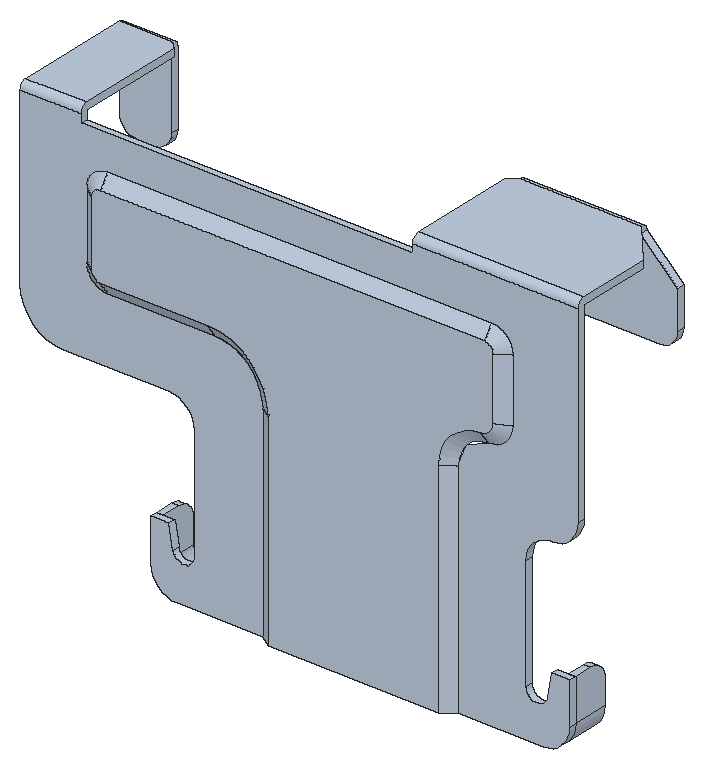
Revit family "MCCC", category 機械設備, Revit 2020
Family settings
  丸型コネクタ寸法 = 直径を使用
  パーツ タイプ = 標準
  OmniClass 番号 = 23.75.00.00
  OmniClass タイトル = Climate Control (HVAC)
  作業面ベース = いいえ
  常に垂直 = はい
  ロード時にボイドで切り取り = いいえ
  共有 = はい
  部屋計算ポイント = いいえ
Parameters (values of type "MCｺｰﾅｰｸﾘｯﾌﾟ 右")
  製造元 = "株式会社サンユー"
  既定の高さ = 0 mm
  左右 = MCCCr : MCCCr
  URL = "http://www.3you.co.jp"
  MCCC ﾏﾃﾘｱﾙ = 溶融亜鉛メッキ
  MC38XL 有（無） [instance] = yes
Types (3, lengths in mm): name | 左右
  (no name) | MCCCr : MCCCr
  MCｺｰﾅｰｸﾘｯﾌﾟ 右 | MCCCr : MCCCr
  MCｺｰﾅｰｸﾘｯﾌﾟ 左 | MCCCl : MCCCl
Reference planes
  plane 1 "中心(正面/背面)": y = 0
  plane 2: z = 0
  plane 3 "中心(左/右)": x = 0
Dimensions and locks
  aligned and locked: level to plane 2
Nested families
  nested 1: "MCCCr" at (0, -7.4, 0), type <- "左右", MC38　有（無） <- "MC38XL 有（無）", type "MCCCr"
    with 総厚 14.2 mm, MC38　有（無） yes
Definition of nested family "MCCCr"
  Parameters (values of type "MCCC-r")
    ｺｰﾅｰｸﾘｯﾌﾟ = yes
    総厚 [instance] = if(MC38　有（無）, 14.2 mm, 12.8 mm)  # 14.2 mm
    Default Elevation = 0 mm
    MCｺｰﾅｰｸﾘｯﾌﾟ ﾏﾃﾘｱﾙ = none
    MC38　有（無） [instance] = yes
  Reference planes
    plane 1 "中心(正面/背面)": y = 0
    plane 2: z = 0
    plane 3 "中心(左/右)": x = 0
    plane 4: y = 8.4
    plane 5: y = 13.4
    plane 6: y = 14.2
    plane 7: z = -0.5
    plane 8: y = 12.4
    plane 9: y = 8.4
    plane 10: y = 7.4
  Forms (mm)
    Extrusion 1, solid, material <- "MCｺｰﾅｰｸﾘｯﾌﾟ ﾏﾃﾘｱﾙ", visible <- "ｺｰﾅｰｸﾘｯﾌﾟ"
      sketch origin (-25, 0, 38) x (-1, 0, 0) y (0, 0, -1)
        loop
          line (-19, 40.95) -> (-19, 28)
          arc (-19, 28) -> (-19.879, 25.879) -> (-22, 25) r 3
          arc (-22, 25) -> (-24.118, 24.124) -> (-25, 22.009) r 3
          line (-25, 22.009) -> (-25, -0.8) -> (-6, -0.8) -> (-6, 1) -> (32, 1) -> (32, -0.8) -> (39, -0.8) -> (39, 19.99)
          arc (39, 19.99) -> (37.539, 23.532) -> (34, 25) r 5
          line (34, 25) -> (22, 25)
          arc (22, 25) -> (19.879, 25.879) -> (19, 28) r 3
          line (19, 28) -> (19, 40.95)
          arc (19, 40.95) -> (20.141, 42.195) -> (21.481, 41.167) r 1.25
          line (21.481, 41.167) -> (21.951, 38.5) -> (24, 38.5) -> (24, 43.4)
          arc (24, 43.4) -> (23.121, 45.521) -> (21, 46.4) r 3
          line (21, 46.4) -> (-21, 46.4)
          arc (-21, 46.4) -> (-23.121, 45.521) -> (-24, 43.4) r 3
          line (-24, 43.4) -> (-24, 38.5) -> (-21.951, 38.5) -> (-21.481, 41.167)
          arc (-21.481, 41.167) -> (-20.141, 42.195) -> (-19, 40.95) r 1.25
      from 0 to 0.8
    Blend 2, solid, material <- "MCｺｰﾅｰｸﾘｯﾌﾟ ﾏﾃﾘｱﾙ", visible <- "ｺｰﾅｰｸﾘｯﾌﾟ"
      base sketch origin (-25, 0.4, 38) x (-1, 0, 0) y (0, 0, -1)
        loop
          line (11.75, 46.4) -> (-11.75, 46.4) -> (-11.75, 21)
          arc (-11.75, 21) -> (-12.62, 18.887) -> (-14.726, 18) r 3
          arc (-14.726, 18) -> (-17.043, 17.024) -> (-18, 14.7) r 3.3
          line (-18, 14.7) -> (-18, 7.4)
          arc (-18, 7.4) -> (-17.121, 5.279) -> (-15, 4.4) r 3
          line (-15, 4.4) -> (29, 4.4)
          arc (29, 4.4) -> (31.118, 5.276) -> (32, 7.391) r 3
          line (32, 7.391) -> (32, 15.009)
          arc (32, 15.009) -> (31.118, 17.124) -> (29, 18) r 3
          line (29, 18) -> (16.745, 18)
          arc (16.745, 18) -> (13.216, 19.462) -> (11.75, 22.99) r 5
          line (11.75, 22.99) -> (11.75, 46.4)
      top sketch origin (-25, 0.4, 38) x (-1, 0, 0) y (0, 0, -1)
        loop
          line (9.75, 46.4) -> (-9.75, 46.4) -> (-9.75, 21)
          arc (-9.75, 21) -> (-11.173, 17.506) -> (-14.633, 16.001) r 5
          arc (-14.633, 16.001) -> (-15.601, 15.58) -> (-16, 14.602) r 1.4
          line (-16, 14.602) -> (-16, 7.4)
          arc (-16, 7.4) -> (-15.707, 6.693) -> (-15, 6.4) r 1
          line (-15, 6.4) -> (29, 6.4)
          arc (29, 6.4) -> (29.705, 6.691) -> (30, 7.394) r 1
          line (30, 7.394) -> (30, 15.006)
          arc (30, 15.006) -> (29.705, 15.709) -> (29, 16) r 1
          line (29, 16) -> (16.75, 16)
          arc (16.75, 16) -> (11.804, 18.046) -> (9.75, 22.989) r 7
          line (9.75, 22.989) -> (9.75, 46.4)
      from 0.8 to 2.2
    Blend 3, void
      base sketch origin (-25, 0, 38) x (-1, 0, 0) y (0, 0, -1)
        loop
          line (11.75, 45.6) -> (-11.75, 45.6) -> (-11.75, 21)
          arc (-11.75, 21) -> (-12.62, 18.887) -> (-14.726, 18) r 3
          arc (-14.726, 18) -> (-17.043, 17.024) -> (-18, 14.7) r 3.3
          line (-18, 14.7) -> (-18, 7.4)
          arc (-18, 7.4) -> (-17.121, 5.279) -> (-15, 4.4) r 3
          line (-15, 4.4) -> (29, 4.4)
          arc (29, 4.4) -> (31.118, 5.276) -> (32, 7.391) r 3
          line (32, 7.391) -> (32, 15.009)
          arc (32, 15.009) -> (31.118, 17.124) -> (29, 18) r 3
          line (29, 18) -> (16.745, 18)
          arc (16.745, 18) -> (13.216, 19.462) -> (11.75, 22.99) r 5
          line (11.75, 22.99) -> (11.75, 45.6)
      top sketch origin (-25, 0, 38) x (-1, 0, 0) y (0, 0, -1)
        loop
          line (9.75, 45.6) -> (-9.75, 45.6) -> (-9.75, 21)
          arc (-9.75, 21) -> (-11.173, 17.506) -> (-14.633, 16.001) r 5
          arc (-14.633, 16.001) -> (-15.601, 15.58) -> (-16, 14.602) r 1.4
          line (-16, 14.602) -> (-16, 7.4)
          arc (-16, 7.4) -> (-15.707, 6.693) -> (-15, 6.4) r 1
          line (-15, 6.4) -> (29, 6.4)
          arc (29, 6.4) -> (29.705, 6.691) -> (30, 7.394) r 1
          line (30, 7.394) -> (30, 15.006)
          arc (30, 15.006) -> (29.705, 15.709) -> (29, 16) r 1
          line (29, 16) -> (16.75, 16)
          arc (16.75, 16) -> (11.804, 18.046) -> (9.75, 22.989) r 7
          line (9.75, 22.989) -> (9.75, 45.6)
      from 0 to 1.4
    Extrusion 4, void
      sketch origin (0, 0, 38) x (0, 1, 0) y (0, 0, -1)
        loop
          line (4.2, 38.5) -> (4.2, 40.5)
          arc (4.2, 40.5) -> (3.614, 39.086) -> (2.2, 38.5) r 2
          line (2.2, 38.5) -> (4.2, 38.5)
      from 48.2 to 49
    Extrusion 5, void
      sketch origin (0, 0, 38) x (0, 1, 0) y (0, 0, -1)
        loop
          line (4.2, 38.5) -> (4.2, 40.5)
          arc (4.2, 40.5) -> (3.614, 39.086) -> (2.2, 38.5) r 2
          line (2.2, 38.5) -> (4.2, 38.5)
      from 1.8 to 1
    Extrusion 6, void
      sketch origin (0, 0, 38) x (0, 1, 0) y (0, 0, -1)
        loop
          arc (0, -0.8) -> (-0.566, -0.566) -> (-0.8, 0) r 0.8
          line (-0.8, 0) -> (-0.8, -0.8) -> (0, -0.8)
      from 64 to 57
    Extrusion 7, solid, material <- "MCｺｰﾅｰｸﾘｯﾌﾟ ﾏﾃﾘｱﾙ", visible <- "ｺｰﾅｰｸﾘｯﾌﾟ"
      sketch origin (-25, 0, 38) x (-1, 0, 0) y (0, 0, -1)
        loop
          line (-23.2, 38.5) -> (-23.2, 43.4)
          arc (-23.2, 43.4) -> (-22.556, 44.956) -> (-21, 45.6) r 2.2
          line (-21, 45.6) -> (21, 45.6)
          arc (21, 45.6) -> (22.556, 44.956) -> (23.2, 43.4) r 2.2
          line (23.2, 43.4) -> (23.2, 38.5) -> (24, 38.5) -> (24, 43.4)
          arc (24, 43.4) -> (23.121, 45.521) -> (21, 46.4) r 3
          line (21, 46.4) -> (-21, 46.4)
          arc (-21, 46.4) -> (-23.121, 45.521) -> (-24, 43.4) r 3
          line (-24, 43.4) -> (-24, 38.5) -> (-23.2, 38.5)
      from 0 to -4.2
    Extrusion 8, solid, material <- "MCｺｰﾅｰｸﾘｯﾌﾟ ﾏﾃﾘｱﾙ", visible <- "ｺｰﾅｰｸﾘｯﾌﾟ"
      sketch origin (0, 1.4, 38) x (-1, 0, 0) y (0, -1, 0)
        loop
          line (18, -12.8) -> (18, -12) -> (19, -11) -> (19, 1.4) -> (0, 1.4) -> (0, -7) -> (4.2, -12) -> (4.2, -12.8) -> (18, -12.8)
        loop
          line (64, 1.4) -> (57, 1.4) -> (57, -11) -> (58, -12) -> (58, -12.8) -> (64, -12.8) -> (64, 1.4)
      from 0 to 0.8
    Extrusion 9, void
      sketch origin (0, 13.4, 38) x (0, -1, 0) y (0, 0, 1)
        loop
          line (0, 0.8) -> (-0.8, 0.8) -> (-0.8, 0)
          arc (-0.8, 0) -> (-0.566, 0.566) -> (0, 0.8) r 0.8
      from 64 to 58
    Extrusion 10, solid, material <- "MCｺｰﾅｰｸﾘｯﾌﾟ ﾏﾃﾘｱﾙ", visible <- "ｺｰﾅｰｸﾘｯﾌﾟ"
      sketch origin (0, 0, 38) x (-1, 0, 0) y (0, 0, -1)
        loop
          line (64, 0) -> (64, 8.6)
          arc (64, 8.6) -> (63.414, 10.014) -> (62, 10.6) r 2
          line (62, 10.6) -> (60, 10.6)
          arc (60, 10.6) -> (58.586, 10.014) -> (58, 8.6) r 2
          line (58, 8.6) -> (58, 0) -> (64, 0)
        loop
          arc (18, 8.6) -> (17.414, 10.014) -> (16, 10.6) r 2
          line (16, 10.6) -> (2, 10.6)
          arc (2, 10.6) -> (0.586, 10.014) -> (0, 8.6) r 2
          line (0, 8.6) -> (0, 4.2) -> (4.2, 0) -> (18, 0) -> (18, 8.6)
      from -13.4 to -14.2
    Extrusion 11, void
      sketch origin (46.726, 0, 38) x (0, 1, 0) y (0, 0, -1)
        loop
          arc (0, -0.8) -> (-0.566, -0.566) -> (-0.8, 0) r 0.8
          line (-0.8, 0) -> (-0.8, -0.8) -> (0, -0.8)
      from 65.726 to 46.726
    Extrusion 12, void
      sketch origin (37.34, 13.4, 38) x (0, -1, 0) y (0, 0, 1)
        loop
          line (0, 0.8) -> (-0.8, 0.8) -> (-0.8, 0)
          arc (-0.8, 0) -> (-0.566, 0.566) -> (0, 0.8) r 0.8
      from 55.34 to 41.54
  Cuts and joins
    Blend 3, Extrusion 6, Extrusion 11 cuts Extrusion 1
    Blend 3, Extrusion 6, Extrusion 11 cuts Blend 2
    Extrusion 6, Extrusion 9, Extrusion 11, Extrusion 12 cuts Extrusion 8
    Extrusion 6, Extrusion 11 cuts Extrusion 10
    joined: Extrusion 1, Blend 2, Extrusion 8, Extrusion 10
    Extrusion 4, Extrusion 5 cuts Extrusion 7
  Dimensions and locks
    locked: plane 6 to plane 5 at 0.8
    plane 5 to plane 8 to plane 9 = 1 mm locked, 4 mm locked
    "総厚": plane 6 to plane 1 "中心(正面/背面)"
    locked: plane 5 to plane 10 at 6
    aligned and locked: level to plane 2
    aligned and locked: Extrusion 10 to plane 6
    aligned and locked: plane 5 to Extrusion 10
    aligned and locked: Extrusion 12 to plane 5  (x2)
    aligned and locked: Extrusion 9 to plane 5
  Automatic sketch dimensions
    Extrusion 1 sketch curve to plane 3 "中心(左/右)" = 0 mm
    Extrusion 1 sketch curve to plane 3 "中心(左/右)" = 1 mm
    Extrusion 1 sketch curve to plane 3 "中心(左/右)" = 3 mm  (x2)
    Extrusion 1 sketch curve to level = 0.5 mm  (x2)
    Extrusion 1 sketch curve to Extrusion 1 sketch curve = 2.049 mm  (x2)
    Extrusion 1 sketch curve to Extrusion 1 sketch curve = 0.47 mm  (x2)
    Extrusion 1 sketch curve to plane 3 "中心(左/右)" = 4 mm
    Extrusion 1 sketch curve to Extrusion 1 sketch curve = 1.231 mm
    Extrusion 1 sketch curve to Extrusion 1 sketch curve = 3 mm  (x2)
    Extrusion 1 sketch curve to plane 3 "中心(左/右)" = 19 mm
    Extrusion 1 sketch curve to level = 2.95 mm  (x2)
    Extrusion 1 sketch curve to Extrusion 1 sketch curve = 38 mm
    Extrusion 1 sketch curve to Extrusion 1 sketch curve = 1.25 mm
    Extrusion 1 sketch curve to Extrusion 1 sketch curve = 0.75 mm
    Extrusion 1 sketch curve to level = 3.167 mm
    Extrusion 1 sketch curve to Extrusion 1 sketch curve = 10 mm
    Extrusion 1 sketch curve to Extrusion 1 sketch curve = 12 mm
    Extrusion 1 sketch curve to Extrusion 1 sketch curve = 5 mm  (x2)
    level to Extrusion 1 sketch curve = 10 mm  (x2)
    Extrusion 1 sketch curve to Extrusion 1 sketch curve = 2.991 mm
    Extrusion 1 sketch curve to Extrusion 1 sketch curve = 0.009 mm
    Extrusion 1 sketch curve to Extrusion 1 sketch curve = 21 mm
    Extrusion 1 sketch curve to Extrusion 1 sketch curve = 1.8 mm  (x2)
    Extrusion 1 sketch curve to Extrusion 1 sketch curve = 2.233 mm
    Blend 2 sketch curve to plane 3 "中心(左/右)" = 7 mm
    Blend 2 sketch curve to Blend 2 sketch curve = 3 mm  (x2)
    Blend 2 sketch curve to Blend 2 sketch curve = 3.25 mm
    Blend 2 sketch curve to Blend 2 sketch curve = 3.3 mm
    Blend 2 sketch curve to plane 3 "中心(左/右)" = 13.25 mm
    Blend 2 sketch curve to level = 8.4 mm  (x2)
    Blend 2 sketch curve to Blend 2 sketch curve = 23.5 mm
    Blend 2 sketch curve to Blend 2 sketch curve = 4.995 mm
    Blend 2 sketch curve to Blend 2 sketch curve = 0.005 mm
    Blend 2 sketch curve to Blend 2 sketch curve = 12.255 mm
    Blend 2 sketch curve to Blend 2 sketch curve = 0 mm  (x16)
    level to Blend 2 sketch curve = 15 mm  (x2)
    Blend 2 sketch curve to Blend 2 sketch curve = 0.01 mm
    level to Blend 2 sketch curve = 17 mm  (x2)
    Blend 2 sketch curve to Blend 2 sketch curve = 2.991 mm
    Blend 2 sketch curve to Blend 2 sketch curve = 0.009 mm  (x2)
    Blend 2 sketch curve to Blend 2 sketch curve = 6.3 mm
    Blend 2 sketch curve to Blend 2 sketch curve = 7.3 mm
    Blend 2 sketch curve to Blend 2 sketch curve = 7.6 mm  (x2)
    Blend 2 sketch curve to plane 3 "中心(左/右)" = 9 mm
    Blend 2 sketch curve to Blend 2 sketch curve = 1 mm  (x2)
    Blend 2 sketch curve to Blend 2 sketch curve = 1.25 mm
    Blend 2 sketch curve to Blend 2 sketch curve = 1.4 mm
    Blend 2 sketch curve to plane 3 "中心(左/右)" = 15.25 mm
    Blend 2 sketch curve to Blend 2 sketch curve = 19.5 mm
    Blend 2 sketch curve to Blend 2 sketch curve = 7 mm
    Blend 2 sketch curve to Blend 2 sketch curve = 12.25 mm
    Blend 2 sketch curve to Blend 2 sketch curve = 0.011 mm
    Blend 2 sketch curve to Blend 2 sketch curve = 0.994 mm
    Blend 2 sketch curve to Blend 2 sketch curve = 0.006 mm  (x2)
    Blend 2 sketch curve to Blend 2 sketch curve = 6.398 mm
    Blend 2 sketch curve to Blend 2 sketch curve = 7.202 mm
    Blend 3 sketch curve to plane 3 "中心(左/右)" = 7 mm
    Blend 3 sketch curve to Blend 3 sketch curve = 3 mm  (x2)
    Blend 3 sketch curve to Blend 3 sketch curve = 3.25 mm
    Blend 3 sketch curve to Blend 3 sketch curve = 3.3 mm
    Blend 3 sketch curve to plane 3 "中心(左/右)" = 13.25 mm
    Blend 3 sketch curve to level = 7.6 mm  (x2)
    Blend 3 sketch curve to Blend 3 sketch curve = 23.5 mm
    Blend 3 sketch curve to Blend 3 sketch curve = 4.995 mm
    Blend 3 sketch curve to Blend 3 sketch curve = 0.005 mm
    Blend 3 sketch curve to Blend 3 sketch curve = 12.255 mm
    Blend 3 sketch curve to Blend 3 sketch curve = 0 mm  (x16)
    level to Blend 3 sketch curve = 15 mm  (x2)
    Blend 3 sketch curve to Blend 3 sketch curve = 0.01 mm
    level to Blend 3 sketch curve = 17 mm  (x2)
    Blend 3 sketch curve to Blend 3 sketch curve = 2.991 mm
    Blend 3 sketch curve to Blend 3 sketch curve = 0.009 mm  (x2)
    Blend 3 sketch curve to Blend 3 sketch curve = 6.3 mm
    Blend 3 sketch curve to Blend 3 sketch curve = 7.6 mm  (x2)
    Blend 3 sketch curve to Blend 3 sketch curve = 7.3 mm
    Blend 3 sketch curve to plane 3 "中心(左/右)" = 9 mm
    Blend 3 sketch curve to Blend 3 sketch curve = 1 mm  (x2)
    Blend 3 sketch curve to Blend 3 sketch curve = 1.25 mm
    Blend 3 sketch curve to Blend 3 sketch curve = 1.4 mm
    Blend 3 sketch curve to plane 3 "中心(左/右)" = 15.25 mm
    Blend 3 sketch curve to Blend 3 sketch curve = 19.5 mm
    Blend 3 sketch curve to Blend 3 sketch curve = 7 mm
    Blend 3 sketch curve to Blend 3 sketch curve = 12.25 mm
    Blend 3 sketch curve to Blend 3 sketch curve = 0.011 mm
    Blend 3 sketch curve to Blend 3 sketch curve = 0.994 mm
    Blend 3 sketch curve to Blend 3 sketch curve = 0.006 mm  (x2)
    Blend 3 sketch curve to Blend 3 sketch curve = 6.398 mm
    Blend 3 sketch curve to Blend 3 sketch curve = 7.202 mm
    Extrusion 4 sketch curve to plane 1 "中心(正面/背面)" = 2.2 mm
    Extrusion 4 sketch curve to level = 0.5 mm
    Extrusion 4 sketch curve to Extrusion 4 sketch curve = 2 mm  (x2)
    Extrusion 4 sketch curve to Extrusion 4 sketch curve = 0 mm  (x3)
    Extrusion 5 sketch curve to plane 1 "中心(正面/背面)" = 2.2 mm
    Extrusion 5 sketch curve to level = 0.5 mm
    Extrusion 5 sketch curve to Extrusion 5 sketch curve = 2 mm  (x2)
    Extrusion 5 sketch curve to Extrusion 5 sketch curve = 0 mm  (x3)
    Extrusion 6 sketch curve to plane 1 "中心(正面/背面)" = 0 mm
    Extrusion 6 sketch curve to Extrusion 6 sketch curve = 0.8 mm  (x2)
    level to Extrusion 6 sketch curve = 38.8 mm
    Extrusion 6 sketch curve to Extrusion 6 sketch curve = 0 mm
    Extrusion 7 sketch curve to plane 7 = 0 mm  (x2)
    Extrusion 7 sketch curve to plane 3 "中心(左/右)" = 1 mm
    Extrusion 7 sketch curve to Extrusion 7 sketch curve = 0.8 mm  (x2)
    Extrusion 7 sketch curve to Extrusion 7 sketch curve = 2.2 mm  (x2)
    Extrusion 7 sketch curve to Extrusion 7 sketch curve = 0 mm  (x3)
    Extrusion 7 sketch curve to plane 7 = 4.9 mm
    Extrusion 7 sketch curve to Extrusion 7 sketch curve = 42 mm
    Extrusion 8 sketch curve to plane 3 "中心(左/右)" = 0 mm
    plane 1 "中心(正面/背面)" to Extrusion 8 sketch curve = 0 mm  (x2)
    Extrusion 8 sketch curve to plane 4 = 0 mm
    Extrusion 8 sketch curve to plane 3 "中心(左/右)" = 4.2 mm
    Extrusion 8 sketch curve to Extrusion 8 sketch curve = 13.8 mm
    Extrusion 8 sketch curve to Extrusion 8 sketch curve = 1 mm  (x2)
    Extrusion 8 sketch curve to Extrusion 8 sketch curve = 38 mm
    Extrusion 8 sketch curve to Extrusion 8 sketch curve = 6 mm
    level to Extrusion 9 sketch curve = 38 mm
    Extrusion 9 sketch curve to Extrusion 9 sketch curve = 0 mm
    Extrusion 10 sketch curve to plane 3 "中心(左/右)" = 0 mm
    Extrusion 10 sketch curve to Extrusion 10 sketch curve = 2 mm  (x4)
    Extrusion 10 sketch curve to plane 3 "中心(左/右)" = 4.2 mm
    Extrusion 10 sketch curve to Extrusion 10 sketch curve = 14 mm
    Extrusion 10 sketch curve to Extrusion 10 sketch curve = 40 mm
    Extrusion 10 sketch curve to Extrusion 10 sketch curve = 6 mm
    level to Extrusion 10 sketch curve = 38 mm  (x2)
    Extrusion 10 sketch curve to Extrusion 10 sketch curve = 4.2 mm
    Extrusion 10 sketch curve to Extrusion 10 sketch curve = 8.6 mm  (x2)
    Extrusion 11 sketch curve to plane 1 "中心(正面/背面)" = 0 mm
    plane 1 "中心(正面/背面)" to Extrusion 11 sketch curve = 0.8 mm
    level to Extrusion 11 sketch curve = 38.8 mm
    Extrusion 11 sketch curve to Extrusion 11 sketch curve = 0.8 mm
    Extrusion 11 sketch curve to Extrusion 11 sketch curve = 0 mm
    level to Extrusion 12 sketch curve = 38 mm
    Extrusion 12 sketch curve to Extrusion 12 sketch curve = 0 mm
    Extrusion 8 sketch curve to plane 8 = 0 mm  (x2)
    Extrusion 8 sketch curve to plane 6 = 0 mm  (x2)
    Extrusion 9 sketch curve to plane 6 = 0 mm  (x2)
    Extrusion 12 sketch curve to plane 6 = 0 mm  (x2)
    Extrusion 8 sketch curve to plane 5 = 0 mm  (x3)
    Extrusion 9 sketch curve to plane 5 = 0 mm
    Extrusion 12 sketch curve to plane 5 = 0 mm
